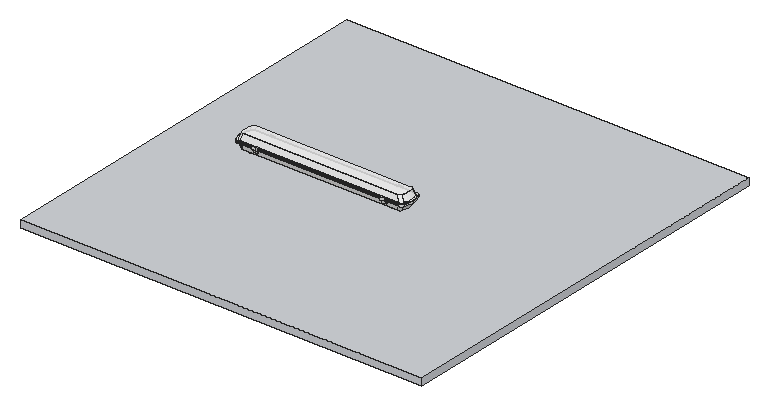
Revit family "CBE_SURFACE MOUNTED LUMINAIRE LED", category Luminaires, Revit 2020
Family settings
  Hôte = Face
  Cote de connecteur circulaire = Utiliser le diamètre
  Type d'élément = Normal
  Numéro OmniClass = 23.80.70.11
  Titre OmniClass = Luminaries for Internal Lighting
  Couper avec des vides une fois chargée = Non
  Source d'éclairage = Non
  Partagée = Non
  Point de calcul de pièce = Non
Parameters (values of type "POSEIDON L1200")
  Width [instance] = 158 mm
  Wattage Comments = ""
  Voltage = 230 V
  URL = "www.thornlighting.com/96545191"
  Commentaires du type = "© Thorn. We reserve the right to make technical changes without prior notice."  # constant formula
  Modèle = "96545191"
  Fabricant = "Thorn Lighting"  # constant formula
  Length [instance] = 1200 mm
  Lampe = "LED"
  Height [instance] = 101 mm
  HATCH [instance] = yes
  Description = "LED surface mount luminaire"  # constant formula
  Default Elevation = 0 mm
  Cover = Thorn_PMMA_Semitransparent
  Body = Thorn_Metal_Light_Grey
  Code d'assemblage = "D5020200"
  Charge apparente = 45.2 VA
Types (2, lengths in mm): name | Width | Length
  POSEIDON L1200 | 158 | 1200
  POSEIDON L1200 2 | 130 | 1580
Reference planes
  plane 1 "Center (Front/Back)": y = 0
  plane 2 "Top": z = 0
  plane 3 "Center (Left/Right)": x = 0
  plane 4: y = 79
  plane 5 "Bottom": y = -79
  plane 6 "Left": x = -600
  plane 7 "Right": x = 600
  plane 8: z = 101
  plane 9: z = 45
  plane 10: z = 54
  plane 11: z = 58.989
  plane 12: x = -590
  plane 13: z = 5
  plane 14 "Clip 1": x = -450
  plane 15 "Clip 2": x = 450
  plane 16: x = -500
  plane 17: x = 500
  plane 18: x = -570
  plane 19: x = 590
  plane 20: x = 570
Forms (mm)
  Extrusion 1, solid
    sketch origin (0, 0, 0) x (1, 0, 0) y (0, 1, 0)
      loop
        line (-1010.5, 1431.145) -> (-1010.5, -1431.145) -> (1809.5, -1431.145) -> (1809.5, 1431.145) -> (-1010.5, 1431.145)
    from 0 to -52.502
  Blend 2, solid, material "Thorn_PMMA_Semitransparent" <- "Cover"
    base sketch origin (-399.5, 0, 47.787) x (0, 1, 0) y (-1, 0, 0)
      loop
        arc (69, 158.187) -> (64.488, 172.514) -> (52.58, 181.669) r 25
        arc (52.58, 181.669) -> (0, 192.837) -> (-52.58, 181.669) r 129.362
        arc (-52.58, 181.669) -> (-64.488, 172.514) -> (-69, 158.187) r 25
        line (-69, 158.187) -> (-69, -957.187)
        arc (-69, -957.187) -> (-64.488, -971.514) -> (-52.58, -980.669) r 25
        arc (-52.58, -980.669) -> (0, -991.837) -> (52.58, -980.669) r 129.362
        arc (52.58, -980.669) -> (64.488, -971.514) -> (69, -957.187) r 25
        line (69, -957.187) -> (69, 158.187)
    top sketch origin (-399.5, 0, 47.787) x (0, 1, 0) y (-1, 0, 0)
      loop
        arc (-41.328, -964.084) -> (0, -970.915) -> (41.328, -964.084) r 128.44
        arc (41.328, -964.084) -> (54.102, -955.045) -> (59, -940.182) r 25
        line (59, -940.182) -> (59, 141.182)
        arc (59, 141.182) -> (54.102, 156.045) -> (41.328, 165.084) r 25
        arc (41.328, 165.084) -> (0, 171.915) -> (-41.328, 165.084) r 128.44
        arc (-41.328, 165.084) -> (-54.102, 156.045) -> (-59, 141.182) r 25
        line (-59, 141.182) -> (-59, -940.182)
        arc (-59, -940.182) -> (-54.102, -955.045) -> (-41.328, -964.084) r 25
    from 11.202 to 53.213
  Extrusion 3, solid, material "Thorn_PMMA_Semitransparent" <- "Cover"
    sketch origin (-399.5, 0, 47.787) x (0, 1, 0) y (-1, 0, 0)
      loop
        arc (79, 165.149) -> (74.338, 179.686) -> (62.092, 188.803) r 25
        arc (62.092, 188.803) -> (0, 203.341) -> (-62.092, 188.803) r 139.866
        arc (-62.092, 188.803) -> (-74.338, 179.686) -> (-79, 165.149) r 25
        line (-79, 165.149) -> (-79, -964.149)
        arc (-79, -964.149) -> (-74.338, -978.686) -> (-62.092, -987.803) r 25
        arc (-62.092, -987.803) -> (0, -1002.341) -> (62.092, -987.803) r 139.866
        arc (62.092, -987.803) -> (74.338, -978.686) -> (79, -964.149) r 25
        line (79, -964.149) -> (79, 165.149)
    from 6.213 to 11.202
  Extrusion 4, solid, material "Thorn_Metal_Light_Grey" <- "Body"
    sketch origin (-399.5, 0, 42.798) x (0, 1, 0) y (-1, 0, 0)
      loop
        arc (79, 165.149) -> (74.338, 179.686) -> (62.092, 188.803) r 25
        arc (62.092, 188.803) -> (0, 203.341) -> (-62.092, 188.803) r 139.866
        arc (-62.092, 188.803) -> (-74.338, 179.686) -> (-79, 165.149) r 25
        line (-79, 165.149) -> (-79, -964.149)
        arc (-79, -964.149) -> (-74.338, -978.686) -> (-62.092, -987.803) r 25
        arc (-62.092, -987.803) -> (0, -1002.341) -> (62.092, -987.803) r 139.866
        arc (62.092, -987.803) -> (74.338, -978.686) -> (79, -964.149) r 25
        line (79, -964.149) -> (79, 165.149)
    from 2.202 to 11.202
  Blend 5, solid, material "Thorn_Metal_Light_Grey" <- "Body"
    base sketch origin (-399.5, 0, -22.213) x (0, 1, 0) y (-1, 0, 0)
      loop
        arc (69, 158.187) -> (64.488, 172.514) -> (52.58, 181.669) r 25
        arc (52.58, 181.669) -> (0, 192.837) -> (-52.58, 181.669) r 129.362
        arc (-52.58, 181.669) -> (-64.488, 172.514) -> (-69, 158.187) r 25
        line (-69, 158.187) -> (-69, -957.187)
        arc (-69, -957.187) -> (-64.488, -971.514) -> (-52.58, -980.669) r 25
        arc (-52.58, -980.669) -> (0, -991.837) -> (52.58, -980.669) r 129.362
        arc (52.58, -980.669) -> (64.488, -971.514) -> (69, -957.187) r 25
        line (69, -957.187) -> (69, 158.187)
    top sketch origin (-399.5, 0, -22.213) x (0, 1, 0) y (-1, 0, 0)
      loop
        arc (-41.328, 165.084) -> (-54.102, 156.045) -> (-59, 141.182) r 25
        line (-59, 141.182) -> (-59, -940.182)
        arc (-59, -940.182) -> (-54.102, -955.045) -> (-41.328, -964.084) r 25
        arc (-41.328, -964.084) -> (0, -970.915) -> (41.328, -964.084) r 128.44
        arc (41.328, -964.084) -> (54.102, -955.045) -> (59, -940.182) r 25
        line (59, -940.182) -> (59, 141.182)
        arc (59, 141.182) -> (54.102, 156.045) -> (41.328, 165.084) r 25
        arc (41.328, 165.084) -> (0, 171.915) -> (-41.328, 165.084) r 128.44
    from 67.213 to 27.213
  Extrusion 6, solid, material "Thorn_Metal_Light_Grey" <- "Body"
    sketch origin (450, 0, 0) x (0, 0, 1) y (0, 1, 0)
      loop
        line (58.989, 69) -> (60.989, 69) -> (60.989, 81) -> (43, 81) -> (43, 70.562) -> (15.243, 63.622) -> (15.728, 61.682) -> (45, 69) -> (45, 79) -> (58.989, 79) -> (58.989, 69)
      loop
        line (58.989, -69) -> (58.989, -79) -> (45, -79) -> (45, -69) -> (16.876, -61.969) -> (16.39, -63.909) -> (43, -70.562) -> (43, -81) -> (60.989, -81) -> (60.989, -69) -> (58.989, -69)
    from -15 to 15
  Extrusion 7, solid, material "Thorn_Metal_Light_Grey" <- "Body"
    sketch origin (-399.5, 0, 0) x (1, 0, 0) y (0, 1, 0)
      loop
        circle (-100.5, 50) r 5
      loop
        circle (-100.5, -50) r 5
      loop
        circle (899.5, 50) r 5
      loop
        circle (899.5, -50) r 5
    from 0 to 5
  Extrusion 8, solid, material "Thorn_Metal_Light_Grey" <- "Body"
    sketch origin (-450, 0, 0) x (0, 0, 1) y (0, -1, 0)
      loop
        line (58.989, -69) -> (58.989, -79) -> (45, -79) -> (45, -69) -> (15.728, -61.682) -> (15.243, -63.622) -> (43, -70.562) -> (43, -81) -> (60.989, -81) -> (60.989, -69) -> (58.989, -69)
      loop
        line (58.989, 69) -> (60.989, 69) -> (60.989, 81) -> (43, 81) -> (43, 70.562) -> (16.39, 63.909) -> (16.876, 61.969) -> (45, 69) -> (45, 79) -> (58.989, 79) -> (58.989, 69)
    from -15 to 15
  Extrusion 9, solid
    sketch origin (-399.5, 0, 0) x (1, 0, 0) y (0, 1, 0)
      loop
        circle (399.5, 0) r 12.5
    from 0 to 5
Lines and regions (mm)
  symbolic lines
    curve 1: line (600, 79, 47.787) -> (-600, 79, 47.787)
    curve 2: line (600, -79, 47.787) -> (600, 79, 47.787)
    curve 3: line (-600, -79, 47.787) -> (600, -79, 47.787)
    curve 4: line (-600, 79, 47.787) -> (-600, -79, 47.787)
    curve 5: circle (0, 0, 47.787) r 50 normal (0, 0, 1)
Dimensions and locks
  "Length": plane 6 "Left" to plane 7 "Right"
  equal spacing: plane 6 "Left", plane 3 "Center (Left/Right)", plane 7 "Right"
  "Height": plane 8 to plane 2 "Top"
  equal spacing: plane 5 "Bottom", plane 1 "Center (Front/Back)", plane 4
  "Width": plane 5 "Bottom" to plane 4
  plane 6 "Left" to plane 12 to plane 18 = 10 mm locked, 20 mm locked
  plane 20 to plane 19 to plane 7 "Right" = 20 mm locked, 10 mm locked
  plane 16 to plane 14 "Clip 1" to plane 3 "Center (Left/Right)" to plane 15 "Clip 2" to plane 17 = 50 mm locked, 450 mm locked, 450 mm locked, 50 mm locked
  plane 11 to plane 10 to plane 9 to plane 13 to plane 2 "Top" = 4.989 mm locked, 9 mm locked, 40 mm locked, 5 mm locked
  aligned and locked: Extrusion 1 to plane 2 "Top"
  aligned and locked: Blend 2 to plane 11
  aligned and locked: plane 8 to Blend 2
  aligned and locked: Extrusion 3 to plane 11
  aligned and locked: Extrusion 3 to plane 10
  aligned and locked: Extrusion 4 to plane 9
  aligned and locked: Extrusion 4 to plane 10
  aligned and locked: plane 9 to Blend 5
  aligned and locked: Blend 5 to plane 13
  aligned and locked: Extrusion 7 to plane 13
  aligned and locked: Extrusion 9 to Blend 5
  aligned and locked: plane 4 to curve 1
  aligned and locked: curve 2 to plane 7 "Right"
  aligned and locked: plane 5 "Bottom" to curve 3
  aligned and locked: curve 4 to plane 6 "Left"
  aligned and locked: plane 3 "Center (Left/Right)" to curve 5
  aligned and locked: plane 1 "Center (Front/Back)" to curve 5
Automatic sketch dimensions
  Extrusion 1 sketch curve to Extrusion 1 sketch curve = 2820 mm
  Extrusion 1 sketch curve to Extrusion 1 sketch curve = 2862.29 mm
  plane 1 "Center (Front/Back)" to Blend 2 sketch curve = 0 mm  (x4)
  plane 18 to Blend 2 sketch curve = 12.313 mm  (x2)
  Blend 2 sketch curve to plane 5 "Bottom" = 35 mm  (x2)
  plane 20 to Blend 2 sketch curve = 12.313 mm  (x2)
  Blend 2 sketch curve to plane 5 "Bottom" = 10 mm
  Blend 2 sketch curve to plane 4 = 35 mm  (x2)
  Blend 2 sketch curve to plane 4 = 10 mm
  Blend 2 sketch curve to plane 15 "Clip 2" = 12.975 mm
  Blend 2 sketch curve to plane 14 "Clip 1" = 12.975 mm
  Blend 2 sketch curve to Blend 2 sketch curve = 0 mm  (x4)
  plane 1 "Center (Front/Back)" to Blend 2 sketch curve = 34 mm  (x2)
  Blend 2 sketch curve to plane 5 "Bottom" = 20 mm
  Blend 2 sketch curve to plane 1 "Center (Front/Back)" = 34 mm  (x2)
  Blend 2 sketch curve to plane 4 = 20 mm
  plane 20 to Blend 2 sketch curve = 29.318 mm  (x2)
  plane 15 "Clip 2" to Blend 2 sketch curve = 7.025 mm
  plane 14 "Clip 1" to Blend 2 sketch curve = 7.025 mm
  plane 18 to Blend 2 sketch curve = 29.318 mm  (x2)
  plane 5 "Bottom" to Extrusion 3 sketch curve = 0 mm
  plane 1 "Center (Front/Back)" to Extrusion 3 sketch curve = 0 mm  (x2)
  Extrusion 3 sketch curve to plane 4 = 0 mm
  plane 20 to Extrusion 3 sketch curve = 5.351 mm  (x2)
  Extrusion 3 sketch curve to Extrusion 3 sketch curve = 25 mm  (x3)
  plane 18 to Extrusion 3 sketch curve = 5.351 mm  (x2)
  Extrusion 3 sketch curve to plane 4 = 25 mm
  Extrusion 3 sketch curve to plane 15 "Clip 2" = 12.975 mm
  Extrusion 3 sketch curve to plane 14 "Clip 1" = 12.975 mm
  Extrusion 3 sketch curve to Extrusion 3 sketch curve = 0 mm  (x2)
  plane 5 "Bottom" to Extrusion 4 sketch curve = 0 mm
  plane 1 "Center (Front/Back)" to Extrusion 4 sketch curve = 0 mm  (x2)
  Extrusion 4 sketch curve to plane 4 = 0 mm
  plane 20 to Extrusion 4 sketch curve = 5.351 mm  (x2)
  Extrusion 4 sketch curve to Extrusion 4 sketch curve = 25 mm  (x3)
  plane 18 to Extrusion 4 sketch curve = 5.351 mm  (x2)
  Extrusion 4 sketch curve to plane 4 = 25 mm
  Extrusion 4 sketch curve to plane 15 "Clip 2" = 12.975 mm
  Extrusion 4 sketch curve to plane 14 "Clip 1" = 12.975 mm
  Extrusion 4 sketch curve to Extrusion 4 sketch curve = 0 mm  (x2)
  plane 1 "Center (Front/Back)" to Blend 5 sketch curve = 0 mm  (x4)
  plane 18 to Blend 5 sketch curve = 12.313 mm  (x2)
  Blend 5 sketch curve to plane 5 "Bottom" = 35 mm  (x2)
  plane 20 to Blend 5 sketch curve = 12.313 mm  (x2)
  Blend 5 sketch curve to plane 5 "Bottom" = 10 mm
  Blend 5 sketch curve to plane 4 = 35 mm  (x2)
  Blend 5 sketch curve to plane 4 = 10 mm
  Blend 5 sketch curve to plane 15 "Clip 2" = 12.975 mm
  Blend 5 sketch curve to plane 14 "Clip 1" = 12.975 mm
  Blend 5 sketch curve to Blend 5 sketch curve = 0 mm  (x4)
  plane 1 "Center (Front/Back)" to Blend 5 sketch curve = 34 mm  (x2)
  Blend 5 sketch curve to plane 5 "Bottom" = 20 mm
  Blend 5 sketch curve to plane 1 "Center (Front/Back)" = 34 mm  (x2)
  Blend 5 sketch curve to plane 4 = 20 mm
  plane 20 to Blend 5 sketch curve = 29.318 mm  (x2)
  plane 15 "Clip 2" to Blend 5 sketch curve = 7.025 mm
  plane 14 "Clip 1" to Blend 5 sketch curve = 7.025 mm
  plane 18 to Blend 5 sketch curve = 29.318 mm  (x2)
  Extrusion 7 sketch curve to plane 16 = 0 mm  (x2)
  Extrusion 7 sketch curve to plane 17 = 0 mm  (x2)
  Extrusion 7 sketch curve to plane 5 "Bottom" = 29 mm  (x2)
  Extrusion 7 sketch curve to plane 4 = 29 mm  (x2)
  Extrusion 6 sketch curve to plane 9 = 0 mm  (x2)
  Extrusion 6 sketch curve to plane 11 = 0 mm  (x2)
  Extrusion 6 sketch curve to plane 4 = 0 mm
  Extrusion 6 sketch curve to plane 5 "Bottom" = 0 mm
  plane 9 to Extrusion 6 sketch curve = 2 mm  (x2)
  Extrusion 6 sketch curve to plane 13 = 11.876 mm
  Extrusion 6 sketch curve to Extrusion 6 sketch curve = 0.485 mm  (x2)
  Extrusion 6 sketch curve to plane 13 = 10.728 mm
  Extrusion 6 sketch curve to Extrusion 6 sketch curve = 2 mm
  Extrusion 6 sketch curve to plane 11 = 2 mm
  Extrusion 6 sketch curve to plane 4 = 2 mm
  plane 4 to Extrusion 6 sketch curve = 8.438 mm
  plane 4 to Extrusion 6 sketch curve = 10 mm
  Extrusion 6 sketch curve to Extrusion 6 sketch curve = 1.562 mm
  plane 5 "Bottom" to Extrusion 6 sketch curve = 17.031 mm
  Extrusion 6 sketch curve to Extrusion 6 sketch curve = 1.94 mm
  plane 5 "Bottom" to Extrusion 6 sketch curve = 10 mm
  Extrusion 6 sketch curve to plane 5 "Bottom" = 2 mm
  Extrusion 8 sketch curve to plane 9 = 0 mm  (x2)
  Extrusion 8 sketch curve to plane 11 = 0 mm  (x2)
  Extrusion 8 sketch curve to plane 4 = 0 mm
  Extrusion 8 sketch curve to plane 5 "Bottom" = 0 mm
  Extrusion 8 sketch curve to plane 9 = 2 mm  (x2)
  plane 13 to Extrusion 8 sketch curve = 11.876 mm
  Extrusion 8 sketch curve to Extrusion 8 sketch curve = 0.485 mm  (x2)
  plane 13 to Extrusion 8 sketch curve = 10.728 mm
  Extrusion 8 sketch curve to Extrusion 8 sketch curve = 2 mm
  plane 11 to Extrusion 8 sketch curve = 2 mm
  plane 4 to Extrusion 8 sketch curve = 2 mm
  Extrusion 8 sketch curve to plane 4 = 8.438 mm
  Extrusion 8 sketch curve to plane 4 = 10 mm
  Extrusion 8 sketch curve to Extrusion 8 sketch curve = 1.562 mm
  Extrusion 8 sketch curve to plane 5 "Bottom" = 17.031 mm
  Extrusion 8 sketch curve to Extrusion 8 sketch curve = 1.94 mm
  Extrusion 8 sketch curve to plane 5 "Bottom" = 10 mm
  plane 5 "Bottom" to Extrusion 8 sketch curve = 2 mm
  plane 1 "Center (Front/Back)" to Extrusion 9 sketch curve = 0 mm
  Extrusion 9 sketch curve to plane 3 "Center (Left/Right)" = 0 mm
  radius of Extrusion 7 sketch curve = 5 mm  (x4)
  radius of Extrusion 9 sketch curve = 12.5 mm
  radius of curve 5 = 50 mm
Connectors
  electrical at (0, 0, 5), driven by "Voltage", driven by "Charge apparente"
    settings: on Blend 5, index 1, voltage 230 V, apparent load 45.2 VA, apparent load phase1 0 VA, apparent load phase2 0 VA, apparent load phase3 0 VA, power factor 1, load classification "Other", number of poles 1, system type 30, power factor state 1, is connector primary yes, connector utility no, sub classification motor no, connector description "Power"
  cabletrayconduit at (0, 0, 0), diameter 25
    settings: on Extrusion 9, index 2, connector width 300 mm, connector height 300 mm, connector angle 0.00°, system type 32, placement type 0, profile type 0, connector reference index -1, is primary connector yes, connector utility param no, connector description ""
